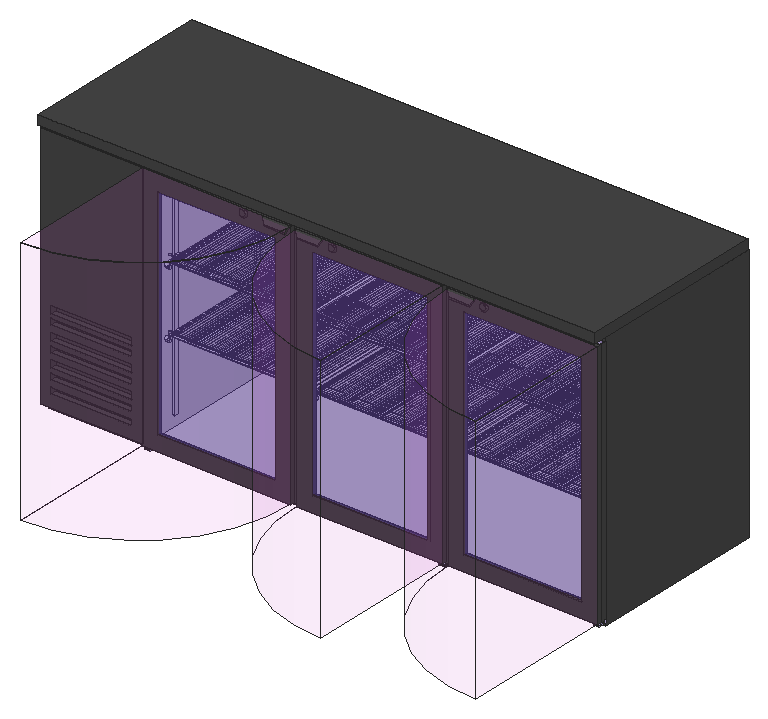
Revit family "QF_True_TBB24-72-3G-Z1-BST-B-1_Glass_Swing_Door_Back_Bar", category Specialty Equipment, Revit 2021 (continued)
Definition of nested family "TBB24-72-3G-Z1-BST-B-1"
  Automatic sketch dimensions
    curve 12 to plane 7 "Center Y" = 6.28151"
    curve 11 to curve 13 = 2.67214"
    curve 12 to curve 15 = 1.57504"
    curve 9 to plane 7 "Center Y" = 0.37284"
    plane 7 "Center Y" to curve 15 = 0.63781"
    curve 5 to plane 10 = 0.02167"
    plane 13 to curve 5 = 0.04608"
    curve 18 to plane 13 = 1.19595"
    curve 10 to plane 13 = 2.94502"
    curve 17 to curve 19 = 2.67214"
    curve 6 to plane 10 = 0.02167"
    plane 4 "RIGHT" to curve 6 = 0.05741"
    plane 5 "FRONT" to curve 9 = 8.9955"
    plane 5 "FRONT" to curve 10 = 9.16144"
    curve 7 to curve 5 = 0.50779"
    plane 10 to curve 4 = 0.01931"
    curve 11 to curve 11 = 15/32"
    curve 5 to curve 14 = 0.35218"
    curve 9 to curve 5 = 0.32483"
    curve 6 to curve 17 = 0.35942"
    radius of Extrusion 49 sketch curve = 0.03267"
    radius of Extrusion 50 sketch curve = 0.03267"
    radius of Extrusion 51 sketch curve = 0.03267"
    radius of Extrusion 52 sketch curve = 0.03267"
    radius of Extrusion 53 sketch curve = 0.03267"
    radius of Extrusion 54 sketch curve = 0.03267"
    radius of Extrusion 55 sketch curve = 0.03267"
    radius of Extrusion 56 sketch curve = 0.03267"
    radius of Extrusion 57 sketch curve = 0.03267"
    radius of Extrusion 58 sketch curve = 0.03267"
    radius of Extrusion 59 sketch curve = 0.03267"
    radius of Extrusion 60 sketch curve = 0.03267"
    radius of Extrusion 61 sketch curve = 0.03267"
    radius of Extrusion 62 sketch curve = 0.03267"
    radius of Extrusion 63 sketch curve = 0.03267"
    radius of Extrusion 64 sketch curve = 0.03267"
    radius of Extrusion 65 sketch curve = 0.03267"
    radius of Extrusion 66 sketch curve = 0.03267"
    radius of Extrusion 67 sketch curve = 0.03267"
    radius of Extrusion 68 sketch curve = 0.03267"
    radius of Extrusion 69 sketch curve = 0.03267"
    radius of Extrusion 70 sketch curve = 0.03267"
    radius of Extrusion 71 sketch curve = 0.03267"
    radius of Extrusion 72 sketch curve = 0.03267"
    radius of Extrusion 73 sketch curve = 0.03267"
    radius of Extrusion 74 sketch curve = 0.03267"
    radius of Extrusion 75 sketch curve = 0.03267"
    radius of Extrusion 76 sketch curve = 0.03267"
    radius of Extrusion 77 sketch curve = 0.03267"
    radius of Extrusion 78 sketch curve = 0.03267"
    radius of Extrusion 79 sketch curve = 0.03267"
    radius of Extrusion 80 sketch curve = 0.03267"
    radius of Extrusion 81 sketch curve = 0.03267"
    radius of Extrusion 82 sketch curve = 0.03267"
    radius of Extrusion 83 sketch curve = 0.03267"
    radius of Extrusion 84 sketch curve = 0.03267"
    radius of Extrusion 85 sketch curve = 0.03267"
    radius of Extrusion 86 sketch curve = 0.03267"
    radius of Extrusion 87 sketch curve = 0.03267"
    radius of Extrusion 88 sketch curve = 0.03267"
    radius of Extrusion 89 sketch curve = 0.03267"
    radius of Extrusion 90 sketch curve = 0.03267"
    radius of Extrusion 91 sketch curve = 0.03267"
    radius of Extrusion 92 sketch curve = 0.03267"
    radius of Extrusion 93 sketch curve = 0.03267"
    radius of Extrusion 94 sketch curve = 0.03267"
    radius of Extrusion 95 sketch curve = 0.03267"
    radius of Extrusion 96 sketch curve = 0.03267"
    radius of Extrusion 97 sketch curve = 0.03267"
    radius of Extrusion 98 sketch curve = 0.03267"
    radius of Extrusion 99 sketch curve = 0.03267"  (x2)
    radius of Extrusion 100 sketch curve = 0.03267"  (x2)
    radius of Extrusion 101 sketch curve = 0.03267"  (x2)
    radius of Extrusion 102 sketch curve = 0.03267"  (x2)
    radius of Extrusion 103 sketch curve = 0.03267"  (x2)
    radius of Extrusion 104 sketch curve = 0.03267"  (x2)
    radius of Extrusion 105 sketch curve = 0.03267"  (x2)
    radius of Extrusion 106 sketch curve = 0.03267"  (x2)
    radius of Extrusion 107 sketch curve = 0.03267"  (x2)
    radius of Extrusion 108 sketch curve = 0.03267"  (x2)
    radius of Extrusion 109 sketch curve = 0.03267"  (x2)
    radius of Extrusion 110 sketch curve = 0.03267"  (x2)
    radius of Extrusion 111 sketch curve = 0.03267"  (x2)
    radius of Extrusion 112 sketch curve = 0.03267"  (x2)
    radius of Extrusion 113 sketch curve = 0.03267"  (x2)
    radius of Extrusion 114 sketch curve = 0.03267"  (x2)
    radius of Extrusion 115 sketch curve = 0.03267"  (x2)
    radius of Extrusion 116 sketch curve = 0.03267"  (x2)
    radius of Extrusion 117 sketch curve = 0.03267"  (x2)
    radius of Extrusion 118 sketch curve = 0.03267"  (x2)
    radius of Extrusion 119 sketch curve = 0.03267"  (x2)
    radius of Extrusion 120 sketch curve = 0.03267"  (x2)
    radius of Extrusion 121 sketch curve = 0.03267"  (x2)
    radius of Extrusion 122 sketch curve = 0.03267"  (x2)
    radius of Extrusion 123 sketch curve = 0.03267"  (x2)
    radius of Extrusion 124 sketch curve = 0.03267"  (x2)
    radius of Extrusion 125 sketch curve = 0.03267"  (x2)
    radius of Extrusion 126 sketch curve = 0.03267"  (x2)
    radius of Extrusion 127 sketch curve = 0.03267"  (x2)
    radius of Extrusion 128 sketch curve = 0.03267"  (x2)
    radius of Extrusion 129 sketch curve = 0.03267"  (x2)
    radius of Extrusion 130 sketch curve = 0.03267"  (x2)
    radius of Extrusion 131 sketch curve = 0.03267"  (x2)
    radius of Extrusion 132 sketch curve = 0.03267"  (x2)
    radius of Extrusion 133 sketch curve = 0.03267"  (x2)
    radius of Extrusion 134 sketch curve = 0.03267"  (x2)
    radius of Extrusion 135 sketch curve = 0.03267"  (x2)
    radius of Extrusion 136 sketch curve = 0.03267"  (x2)
    radius of Extrusion 137 sketch curve = 0.03267"  (x2)
    radius of Extrusion 138 sketch curve = 0.03267"  (x2)
    radius of Extrusion 139 sketch curve = 0.03267"  (x2)
    radius of Extrusion 140 sketch curve = 0.03267"  (x2)
    radius of Extrusion 141 sketch curve = 0.03267"  (x2)
    radius of Extrusion 142 sketch curve = 0.03267"  (x2)
    radius of Extrusion 143 sketch curve = 0.03267"  (x2)
    radius of Extrusion 144 sketch curve = 0.03267"  (x2)
    radius of Extrusion 145 sketch curve = 0.03267"  (x2)
    radius of Extrusion 146 sketch curve = 0.03267"  (x2)
    radius of Extrusion 147 sketch curve = 0.03267"  (x2)
    radius of Extrusion 148 sketch curve = 0.03267"  (x2)
    radius of Extrusion 149 sketch curve = 0.03267"  (x2)
    radius of Extrusion 150 sketch curve = 0.03267"  (x2)
    radius of Extrusion 151 sketch curve = 0.03267"  (x2)
    radius of Extrusion 152 sketch curve = 0.03267"  (x2)
    radius of Extrusion 153 sketch curve = 0.03267"  (x2)
    radius of Extrusion 154 sketch curve = 0.03267"  (x2)
    radius of Extrusion 155 sketch curve = 0.03267"  (x2)
    radius of Extrusion 156 sketch curve = 0.03267"  (x2)
    radius of Extrusion 157 sketch curve = 0.03267"  (x2)
    radius of Extrusion 158 sketch curve = 0.03267"  (x2)
    radius of Extrusion 159 sketch curve = 0.03267"  (x2)
    radius of Extrusion 160 sketch curve = 0.03267"  (x2)
    radius of Extrusion 161 sketch curve = 0.03267"  (x2)
    radius of Extrusion 162 sketch curve = 0.03267"  (x2)
    radius of Extrusion 163 sketch curve = 0.03267"  (x2)
    radius of Extrusion 164 sketch curve = 0.03267"  (x2)
    radius of Extrusion 165 sketch curve = 0.03267"  (x2)
    radius of Extrusion 166 sketch curve = 0.03267"  (x2)
    radius of Extrusion 167 sketch curve = 0.03267"  (x2)
    radius of Extrusion 168 sketch curve = 0.03267"  (x2)
    radius of Extrusion 169 sketch curve = 0.03267"  (x2)
    radius of Extrusion 170 sketch curve = 0.03267"  (x2)
    radius of Extrusion 171 sketch curve = 0.03267"  (x2)
    radius of Extrusion 172 sketch curve = 0.03267"  (x2)
    radius of Extrusion 173 sketch curve = 0.03267"  (x2)
    radius of Extrusion 174 sketch curve = 0.03267"  (x2)
    radius of Extrusion 175 sketch curve = 0.03267"  (x2)
    radius of Extrusion 176 sketch curve = 0.03267"  (x2)
    radius of Extrusion 177 sketch curve = 0.03267"  (x2)
    radius of Extrusion 178 sketch curve = 0.03267"  (x2)
    radius of Extrusion 179 sketch curve = 0.03267"  (x2)
    radius of Extrusion 180 sketch curve = 0.03267"  (x2)
    radius of Extrusion 181 sketch curve = 0.03267"  (x2)
    radius of Extrusion 182 sketch curve = 0.03267"  (x2)
    radius of Extrusion 183 sketch curve = 0.03267"  (x2)
    radius of Extrusion 184 sketch curve = 0.03267"  (x2)
    radius of Extrusion 185 sketch curve = 0.03267"  (x2)
    radius of Extrusion 186 sketch curve = 0.03267"  (x2)
    radius of Extrusion 187 sketch curve = 0.03267"  (x2)
    radius of Extrusion 188 sketch curve = 0.03267"  (x2)
    radius of Extrusion 189 sketch curve = 0.03267"  (x2)
    radius of Extrusion 190 sketch curve = 0.03267"  (x2)
    radius of Extrusion 191 sketch curve = 0.03267"  (x2)
    radius of Extrusion 192 sketch curve = 0.03267"  (x2)
    radius of Extrusion 193 sketch curve = 0.03267"  (x2)
    radius of Extrusion 194 sketch curve = 0.03267"  (x2)
    radius of Extrusion 195 sketch curve = 0.03267"  (x2)
    radius of Extrusion 196 sketch curve = 0.03267"  (x2)
    radius of Extrusion 197 sketch curve = 0.03267"  (x2)
    radius of Extrusion 198 sketch curve = 0.03267"  (x2)
    radius of Extrusion 199 sketch curve = 0.03267"  (x2)
    radius of Extrusion 200 sketch curve = 0.03267"  (x2)
    radius of Extrusion 201 sketch curve = 0.03267"  (x2)
    radius of Extrusion 202 sketch curve = 0.03267"  (x2)
    radius of Extrusion 203 sketch curve = 0.03267"  (x2)
    radius of Extrusion 204 sketch curve = 0.03267"  (x2)
    radius of Extrusion 205 sketch curve = 0.03267"  (x2)
    radius of Extrusion 206 sketch curve = 0.03267"  (x2)
    radius of Extrusion 207 sketch curve = 0.03267"  (x2)
    radius of Extrusion 208 sketch curve = 0.03267"  (x2)
    radius of Extrusion 209 sketch curve = 0.03267"  (x2)
    radius of Extrusion 210 sketch curve = 0.03267"  (x2)
    radius of Extrusion 211 sketch curve = 0.03267"  (x2)
    radius of Extrusion 212 sketch curve = 0.03267"  (x2)
    radius of Extrusion 213 sketch curve = 0.03267"  (x2)
    radius of Extrusion 214 sketch curve = 0.03267"  (x2)
    radius of Extrusion 215 sketch curve = 0.03267"  (x2)
    radius of Extrusion 216 sketch curve = 0.03267"  (x2)
    radius of Extrusion 217 sketch curve = 0.03267"  (x2)
    radius of Extrusion 218 sketch curve = 0.03267"  (x2)
    radius of Extrusion 219 sketch curve = 0.03267"  (x2)
    radius of Extrusion 220 sketch curve = 0.03267"  (x2)
    radius of Extrusion 221 sketch curve = 0.03267"  (x2)
    radius of Extrusion 222 sketch curve = 0.03267"  (x2)
    radius of Extrusion 223 sketch curve = 0.03267"  (x2)
    radius of Extrusion 224 sketch curve = 0.03267"  (x2)
    radius of Extrusion 225 sketch curve = 0.03267"  (x2)
    radius of Extrusion 226 sketch curve = 0.03267"  (x2)
    radius of Extrusion 227 sketch curve = 0.03267"  (x2)
    radius of Extrusion 228 sketch curve = 0.03267"  (x2)
    radius of Extrusion 229 sketch curve = 0.03267"  (x2)
    radius of Extrusion 230 sketch curve = 0.03267"  (x2)
    radius of Extrusion 231 sketch curve = 0.03267"  (x2)
    radius of Extrusion 232 sketch curve = 0.03267"  (x2)
    radius of Extrusion 233 sketch curve = 0.03267"  (x2)
    radius of Extrusion 234 sketch curve = 0.03267"  (x2)
    radius of Extrusion 235 sketch curve = 0.03267"  (x2)
    radius of Extrusion 236 sketch curve = 0.03267"  (x2)
    radius of Extrusion 237 sketch curve = 0.03267"  (x2)
    radius of Extrusion 238 sketch curve = 0.03267"  (x2)
    radius of Extrusion 239 sketch curve = 0.03267"  (x2)
    radius of Extrusion 240 sketch curve = 0.03267"  (x2)
    radius of Extrusion 241 sketch curve = 0.03267"  (x2)
    radius of Extrusion 242 sketch curve = 0.03267"  (x2)
    radius of Extrusion 243 sketch curve = 0.03267"  (x2)
    radius of Extrusion 244 sketch curve = 0.03267"  (x2)
    radius of Extrusion 245 sketch curve = 0.03267"  (x2)
    radius of Extrusion 246 sketch curve = 0.03267"  (x2)
    radius of Extrusion 247 sketch curve = 0.03267"  (x2)
    radius of Extrusion 248 sketch curve = 0.03267"  (x2)
    radius of Extrusion 249 sketch curve = 0.03267"  (x2)
    radius of Extrusion 250 sketch curve = 0.03267"
    radius of Extrusion 299 sketch curve = 0.03267"  (x3)
    radius of Extrusion 300 sketch curve = 0.03267"  (x2)
    radius of Extrusion 348 sketch curve = 0.03267"  (x2)
    radius of Extrusion 251 sketch curve = 0.03267"
    radius of Extrusion 301 sketch curve = 0.03267"  (x2)
    radius of Extrusion 252 sketch curve = 0.03267"
    radius of Extrusion 302 sketch curve = 0.03267"  (x2)
    radius of Extrusion 253 sketch curve = 0.03267"
    radius of Extrusion 303 sketch curve = 0.03267"  (x2)
    radius of Extrusion 254 sketch curve = 0.03267"
    radius of Extrusion 304 sketch curve = 0.03267"  (x2)
    radius of Extrusion 255 sketch curve = 0.03267"
    radius of Extrusion 305 sketch curve = 0.03267"  (x2)
    radius of Extrusion 256 sketch curve = 0.03267"
    radius of Extrusion 306 sketch curve = 0.03267"  (x2)
    radius of Extrusion 257 sketch curve = 0.03267"
    radius of Extrusion 307 sketch curve = 0.03267"  (x2)
    radius of Extrusion 258 sketch curve = 0.03267"
    radius of Extrusion 308 sketch curve = 0.03267"  (x2)
    radius of Extrusion 259 sketch curve = 0.03267"
    radius of Extrusion 309 sketch curve = 0.03267"  (x2)
    radius of Extrusion 260 sketch curve = 0.03267"
    radius of Extrusion 310 sketch curve = 0.03267"  (x2)
    radius of Extrusion 261 sketch curve = 0.03267"
    radius of Extrusion 311 sketch curve = 0.03267"  (x2)
    radius of Extrusion 262 sketch curve = 0.03267"
    radius of Extrusion 312 sketch curve = 0.03267"  (x2)
    radius of Extrusion 263 sketch curve = 0.03267"
    radius of Extrusion 313 sketch curve = 0.03267"  (x2)
    radius of Extrusion 264 sketch curve = 0.03267"
    radius of Extrusion 314 sketch curve = 0.03267"  (x2)
    radius of Extrusion 265 sketch curve = 0.03267"
    radius of Extrusion 315 sketch curve = 0.03267"  (x2)
    radius of Extrusion 266 sketch curve = 0.03267"
    radius of Extrusion 316 sketch curve = 0.03267"  (x2)
    radius of Extrusion 267 sketch curve = 0.03267"
    radius of Extrusion 317 sketch curve = 0.03267"  (x2)
    radius of Extrusion 268 sketch curve = 0.03267"
    radius of Extrusion 318 sketch curve = 0.03267"  (x2)
    radius of Extrusion 269 sketch curve = 0.03267"
    radius of Extrusion 319 sketch curve = 0.03267"  (x2)
    radius of Extrusion 270 sketch curve = 0.03267"
    radius of Extrusion 320 sketch curve = 0.03267"  (x2)
    radius of Extrusion 271 sketch curve = 0.03267"
    radius of Extrusion 321 sketch curve = 0.03267"  (x2)
    radius of Extrusion 272 sketch curve = 0.03267"
    radius of Extrusion 322 sketch curve = 0.03267"  (x2)
    radius of Extrusion 273 sketch curve = 0.03267"
    radius of Extrusion 323 sketch curve = 0.03267"  (x2)
    radius of Extrusion 274 sketch curve = 0.03267"
    radius of Extrusion 324 sketch curve = 0.03267"  (x2)
    radius of Extrusion 275 sketch curve = 0.03267"
    radius of Extrusion 325 sketch curve = 0.03267"  (x2)
    radius of Extrusion 276 sketch curve = 0.03267"
    radius of Extrusion 326 sketch curve = 0.03267"  (x2)
    radius of Extrusion 277 sketch curve = 0.03267"
    radius of Extrusion 327 sketch curve = 0.03267"  (x2)
    radius of Extrusion 278 sketch curve = 0.03267"
    radius of Extrusion 328 sketch curve = 0.03267"  (x2)
    radius of Extrusion 279 sketch curve = 0.03267"
    radius of Extrusion 329 sketch curve = 0.03267"  (x2)
    radius of Extrusion 280 sketch curve = 0.03267"
    radius of Extrusion 330 sketch curve = 0.03267"  (x2)
    radius of Extrusion 281 sketch curve = 0.03267"
    radius of Extrusion 331 sketch curve = 0.03267"  (x2)
    radius of Extrusion 282 sketch curve = 0.03267"
    radius of Extrusion 332 sketch curve = 0.03267"  (x2)
    radius of Extrusion 283 sketch curve = 0.03267"
    radius of Extrusion 333 sketch curve = 0.03267"  (x2)
    radius of Extrusion 284 sketch curve = 0.03267"
    radius of Extrusion 334 sketch curve = 0.03267"  (x2)
    radius of Extrusion 285 sketch curve = 0.03267"
    radius of Extrusion 335 sketch curve = 0.03267"  (x2)
    radius of Extrusion 286 sketch curve = 0.03267"
    radius of Extrusion 336 sketch curve = 0.03267"  (x2)
    radius of Extrusion 287 sketch curve = 0.03267"
    radius of Extrusion 337 sketch curve = 0.03267"  (x2)
    radius of Extrusion 288 sketch curve = 0.03267"
    radius of Extrusion 338 sketch curve = 0.03267"  (x2)
    radius of Extrusion 289 sketch curve = 0.03267"
    radius of Extrusion 339 sketch curve = 0.03267"  (x2)
    radius of Extrusion 290 sketch curve = 0.03267"
    radius of Extrusion 340 sketch curve = 0.03267"  (x2)
    radius of Extrusion 291 sketch curve = 0.03267"
    radius of Extrusion 341 sketch curve = 0.03267"  (x2)
    radius of Extrusion 292 sketch curve = 0.03267"
    radius of Extrusion 342 sketch curve = 0.03267"  (x2)
    radius of Extrusion 293 sketch curve = 0.03267"
    radius of Extrusion 343 sketch curve = 0.03267"  (x2)
    radius of Extrusion 294 sketch curve = 0.03267"
    radius of Extrusion 344 sketch curve = 0.03267"  (x2)
    radius of Extrusion 295 sketch curve = 0.03267"
    radius of Extrusion 345 sketch curve = 0.03267"  (x2)
    radius of Extrusion 296 sketch curve = 0.03267"
    radius of Extrusion 346 sketch curve = 0.03267"  (x2)
    radius of Extrusion 297 sketch curve = 0.03267"
    radius of Extrusion 347 sketch curve = 0.03267"  (x2)
    radius of Extrusion 298 sketch curve = 0.03267"
    radius of Extrusion 7 sketch curve = 1/2"
    radius of Blend 12 sketch curve = 1/2"
    radius of Blend 12 sketch curve = 0.39938"
    radius of Blend 13 sketch curve = 1/2"
    radius of Blend 13 sketch curve = 0.39938"
    radius of Extrusion 16 sketch curve = 1/4"  (x3)
    radius of Extrusion 17 sketch curve = 1/4"  (x3)
    radius of Sweep 20 sketch curve = 0.14183"
    radius of Sweep 33 sketch curve = 0.14183"
    radius of Extrusion 34 sketch curve = 0.05462"
    radius of Extrusion 35 sketch curve = 0.05462"
    radius of Extrusion 36 sketch curve = 0.05462"
    radius of Extrusion 37 sketch curve = 0.05462"
    radius of Sweep 42 sketch curve = 0.14183"
    radius of Sweep 43 sketch curve = 0.14183"
    radius of Sweep 44 sketch curve = 0.14183"
    radius of Sweep 45 sketch curve = 0.14183"
    radius of Extrusion 47 sketch curve = 0.05462"
    radius of Extrusion 48 sketch curve = 0.05462"
    radius of Blend 350 sketch curve = 1/2"
    radius of Blend 350 sketch curve = 0.39938"
Definition of nested family "Family3"
  Parameters (values of type "Family3")
    Weight in Pounds = 0
    URL Cutsheet = ""
    Specification by User = ""
    Specification by Manufacturer = ""
    Show Seismic Flanged [instance] = yes
    Show 6" Legs [instance] = yes
    Show 5" Casters [instance] = yes
    Show 4" Casters [instance] = yes
    Show 3" Casters [instance] = yes
    Show 2" Casters [instance] = yes
    Serial Number = ""
    Seismic Rating = ""
    SMACNA No = ""
    Revision Code = ""
    NAFEM Spec ID Number = ""
    Masterspec = ""
    Length = 0"
    Item Number = ""
    Installed By = ""
    Identify Quantity as Lot = yes
    Height = 0"
    Furnished By = ""
    Foodservice Equipment Identifier = yes
    Depth = 0"
    Default Elevation = 0"
    CSI MasterFormat = ""
  Reference planes (in)
    plane 1 "BACK": y = 0
    plane 2: z = 0
    plane 3 "LEFT": x = 0
    plane 4 "RIGHT": x = 0
    plane 5 "FRONT": y = 0
    plane 6 "TOP": z = 0
    plane 7 "Center Y": x = 0
    plane 8 "Center X": y = 0
  Dimensions and locks (in)
    equal spacing: plane 3 "LEFT", plane 7 "Center Y", plane 4 "RIGHT"
    "Length": plane 3 "LEFT" to plane 4 "RIGHT"
    equal spacing: plane 5 "FRONT", plane 8 "Center X", plane 1 "BACK"
    "Depth": plane 5 "FRONT" to plane 1 "BACK"
    "Height": plane 6 "TOP" to level
    aligned and locked: level to plane 2
  Nested families (in)
    nested 1: "2 INCHES_CASTER" at (0, 0, 0), 2 Inches Caster <- "Show 2" Casters", type "2 INCHES_CASTER"
      with Type Mark "", Specification by User "", Revision Code "", Item Number "", Installed By "", Identify Quantity as Lot yes, Furnished By "", Foodservice Equipment Identifier yes, 2 Inches Caster yes
    nested 2: "3 INCHES 01_CASTER" at (0, 0, 0), 3 Inches Caster <- "Show 3" Casters", type "3 INCHES 01_CASTER"
      with Type Mark "", Specification by User "", Revision Code "", Item Number "", Installed By "", Identify Quantity as Lot yes, Furnished By "", Foodservice Equipment Identifier yes, 3 Inches Caster yes
    nested 3: "4 INCHES_CASTER" at (0, 0, 0), Show 4 Inches Casters <- "Show 4" Casters", type "4 INCHES_CASTER"
      with Type Mark "", Specification by User "", Show 4 Inches Casters yes, Revision Code "", Item Number "", Installed By "", Identify Quantity as Lot yes, Furnished By "", Foodservice Equipment Identifier yes
    nested 4: "5 INCHES 01_CASTER 2" at (0, 0, 0), Show 5" Casters <- "Show 5" Casters", type "5 INCHES 01_CASTER 2"
      with Type Mark "", Specification by User "", Show 5" Casters yes, Revision Code "", Key Locks no, Item Number "", Installed By "", Identify Quantity as Lot yes, Furnished By "", Foodservice Equipment Identifier yes
    nested 5: "6 INCHES LEGS" at (0, 0, 0), Show 6" Legs <- "Show 6" Legs", type "6 INCHES LEGS"
      with Type Mark "", Status "", Specification by User "", Show Seismic Flanged no, Show 6" Legs yes, Revision Code "", Item Number "", Installed By "", Identify Quantity as Lot yes, Furnished By "", Foodservice Equipment Identifier yes
    nested 6: "6 INCHES LEGS WITH FLANGED" at (0, 0, 0), visible <- "Show Seismic Flanged", Show 6" Seismic Flanged <- "Show Seismic Flanged", type "6 INCHES LEGS WITH FLANGED"
      with Type Mark "", Status "", Specification by User "", Revision Code "", Item Number "", Installed By "", Identify Quantity as Lot yes, Furnished By "", Foodservice Equipment Identifier yes
  Definition of nested family "2 INCHES_CASTER"
    Parameters (values of type "2 INCHES_CASTER")
      Weight = ""
      URL Manufacturer = ""
      URL Cutsheet = ""
      URL = ""
      Type Mark [instance] = ""
      Specification by User [instance] = ""
      Specification by Manufacturer = ""
      Serial Number = ""
      Seismic Rating = ""
      SMACNA No = ""
      Revision Code [instance] = ""
      Omniclass Number and Title = ""
      NAFEM Spec ID Number = ""
      Model = ""
      MasterSpec. = ""
      Manufacturer = ""
      Item Number [instance] = ""
      Installed By [instance] = ""
      Identify Quantity as Lot [instance] = yes
      Furnished By [instance] = ""
      Foodservice Equipment Identifier [instance] = yes
      Description = ""
      Default Elevation = 0"
      CSI MasterFormat = ""
      CSI Master Format = ""
      Assembly Code = ""
      2 Inches Caster [instance] = yes
    Reference planes (in)
      plane 1: z = 0
      plane 2 "RIGHT": x = 0
      plane 3 "FRONT": y = 0
      plane 4 "TOP": z = 2
    Forms (in)
      Revolve 1, solid, visible <- "2 Inches Caster"
        sketch origin (-1.93794, 0.46818, -1.0041) x (1, 0, 0) y (0, 0, 1)
          loop
            line (0.74055, 1.86347) -> (0.74055, 1.78797) -> (0.79055, 1.73797) -> (0.85055, 1.73797) -> (0.85055, 1.6179) -> (1.235, 1.6179) -> (1.235, 1.55055) -> (1.38673, 1.46295) -> (1.4003, 1.3791) -> (1.34375, 1.3791) -> (1.34375, 1.2541) -> (1.375, 1.2541) -> (1.375, 1.0041) -> (2.48438, 1.0041) -> (2.48438, 1.2541) -> (2.51563, 1.2541) -> (2.51563, 1.3791) -> (2.45908, 1.3791) -> (2.47322, 1.46647) -> (2.62438, 1.55374) -> (2.62438, 1.6179) -> (3.04007, 1.6179) -> (3.04007, 1.73797) -> (3.10007, 1.73797) -> (3.15007, 1.78797) -> (3.15007, 1.86347) -> (0.74055, 1.86347)
          axis (0.74055, 1.86347) -> (3.15007, 1.86347)
        angle from 0 to 360
      Extrusion 2, solid, visible <- "2 Inches Caster"
        sketch origin (-1.93794, 1.43296, -3.41527) x (0, 1, 0) y (0, 0, 1)
          loop
            line (-0.64294, 5.3791) -> (-2.21294, 5.3791) -> (-2.21294, 5.24769) -> (-1.37414, 5.24769)
            arc (-1.37414, 5.24769) -> (-0.62115, 5.15851) -> (0.05138, 4.80832) r 2.10495
            line (0.05138, 4.80832) -> (0.12713, 4.91318)
            arc (0.12713, 4.91318) -> (-0.07255, 5.06376) -> (-0.29048, 5.18644) r 1.8753
            line (-0.29048, 5.18644) -> (-0.22239, 5.30423)
            arc (-0.22239, 5.30423) -> (-0.42936, 5.36024) -> (-0.64294, 5.3791) r 1.21859
        from 1.17357 to 2.70231
      Revolve 3, solid, visible <- "2 Inches Caster"
        sketch origin (0, 1.73858, -3.75) x (0, 1, 0) y (0, 0, 1)
          loop
            line (-1.73858, 5.71382) -> (-1.05793, 5.71382) -> (-1.05793, 5.75) -> (-1.73858, 5.75) -> (-1.73858, 5.71382)
          axis (-1.73858, 5.71382) -> (-1.73858, 5.75319)
        angle from 0 to 360
      Extrusion 4, solid, visible <- "2 Inches Caster"
        sketch origin (-1.98481, 1.43296, -1.7541) x (0, 1, 0) y (0, 0, 1)
          loop
            line (-2.21294, 3.71792) -> (-2.21294, 3.58652) -> (-1.94904, 3.58652)
            arc (-1.94904, 3.58652) -> (-1.56115, 3.28048) -> (-1.39241, 2.81612) r 0.90292
            arc (-1.39241, 2.81612) -> (-1.36136, 2.62044) -> (-1.29729, 2.43295) r 1.15385
            arc (-1.29729, 2.43295) -> (-0.94802, 2.21237) -> (-0.6121, 2.45278) r 0.37001
            arc (-0.6121, 2.45278) -> (-0.59625, 2.50123) -> (-0.58446, 2.55082) r 0.61695
            arc (-0.58446, 2.55082) -> (-0.36134, 2.95548) -> (0.05609, 3.15367) r 0.75313
            line (0.05609, 3.15367) -> (0.12713, 3.252)
            arc (0.12713, 3.252) -> (-0.07255, 3.40259) -> (-0.29048, 3.52526) r 1.8753
            line (-0.29048, 3.52526) -> (-0.22239, 3.64306)
            arc (-0.22239, 3.64306) -> (-0.42936, 3.69906) -> (-0.64294, 3.71792) r 1.21859
            line (-0.64294, 3.71792) -> (-2.21294, 3.71792)
        from 2.74918 to 2.90825
      Extrusion 5, solid, visible <- "2 Inches Caster"
        sketch origin (1.98481, 1.43296, -1.7541) x (0, 1, 0) y (0, 0, -1)
          loop
            arc (-0.58446, -2.55082) -> (-0.59625, -2.50123) -> (-0.6121, -2.45278) r 0.61695
            arc (-0.6121, -2.45278) -> (-0.94802, -2.21237) -> (-1.29729, -2.43295) r 0.37001
            arc (-1.29729, -2.43295) -> (-1.36136, -2.62044) -> (-1.39241, -2.81612) r 1.15385
            arc (-1.39241, -2.81612) -> (-1.56115, -3.28048) -> (-1.94904, -3.58652) r 0.90292
            line (-1.94904, -3.58652) -> (-2.21294, -3.58652) -> (-2.21294, -3.71792) -> (-0.64294, -3.71792)
            arc (-0.64294, -3.71792) -> (-0.42936, -3.69906) -> (-0.22239, -3.64306) r 1.21859
            line (-0.22239, -3.64306) -> (-0.29048, -3.52526)
            arc (-0.29048, -3.52526) -> (-0.07255, -3.40259) -> (0.12713, -3.252) r 1.8753
            line (0.12713, -3.252) -> (0.05609, -3.15367)
            arc (0.05609, -3.15367) -> (-0.36134, -2.95548) -> (-0.58446, -2.55082) r 0.75313
        from 2.74918 to 2.90825
    Cuts and joins
      joined: Revolve 1, Extrusion 4, Extrusion 5
    Lines and regions (in)
      symbolic lines, visible <- "2 Inches Caster"
        curve 1: line (0.10651, 1.59133, 0) -> (0.80944, 1.1855, 0)
        curve 2: line (-0.89349, -0.14072, 0) -> (0.10651, 1.59133, 0)
        curve 3: line (-0.19056, -0.54656, 0) -> (-0.89349, -0.14072, 0)
        curve 4: line (0.80944, 1.1855, 0) -> (-0.19056, -0.54656, 0)
    Dimensions and locks (in)
      plane 4 "TOP" to level = 2"  (x2)
      aligned and locked: level to plane 1
  Definition of nested family "3 INCHES 01_CASTER"
    Parameters (values of type "3 INCHES 01_CASTER")
      Weight = ""
      URL Manufacturer = ""
      URL Cutsheet = ""
      URL = ""
      Type Mark [instance] = ""
      Specification by User [instance] = ""
      Specification by Manufacturer = ""
      Serial Number = ""
      Seismic Rating = ""
      SMACNA No = ""
      Revision Code [instance] = ""
      Omniclass Number and Title = ""
      NAFEM Spec ID Number = ""
      Model = ""
      MasterSpec. = ""
      Manufacturer = ""
      Item Number [instance] = ""
      Installed By [instance] = ""
      Identify Quantity as Lot [instance] = yes
      Furnished By [instance] = ""
      Foodservice Equipment Identifier [instance] = yes
      Description = ""
      Default Elevation = 0"
      CSI MasterFormat = ""
      CSI Master Format = ""
      Assembly Code = ""
      3 Inches Caster [instance] = yes
    Reference planes (in)
      plane 1: z = 0
      plane 2 "RIGHT": x = 0
      plane 3 "FRONT": y = 0
      plane 4 "TOP": z = 3
    Forms (in)
      Revolve 1, solid, visible <- "3 Inches Caster"
        sketch origin (-1.93794, 0.56004, -1.0041) x (1, 0, 0) y (0, 0, 1)
          loop
            line (0.74055, 2.11347) -> (0.74055, 2.03797) -> (0.79055, 1.98797) -> (0.85055, 1.98797) -> (0.85055, 1.8679) -> (1.235, 1.8679) -> (1.235, 1.7068) -> (1.36441, 1.63209) -> (1.4003, 1.41035) -> (1.34375, 1.41035) -> (1.34375, 1.28535) -> (1.375, 1.28535) -> (1.375, 1.0041) -> (2.48438, 1.0041) -> (2.48438, 1.28535) -> (2.51563, 1.28535) -> (2.51563, 1.41035) -> (2.45908, 1.41035) -> (2.49553, 1.6356) -> (2.62438, 1.70999) -> (2.62438, 1.8679) -> (3.04007, 1.8679) -> (3.04007, 1.98797) -> (3.10007, 1.98797) -> (3.15007, 2.03797) -> (3.15007, 2.11347) -> (0.74055, 2.11347)
          axis (0.74055, 2.11347) -> (3.15007, 2.11347)
        angle from 0 to 360
      Extrusion 2, solid, visible <- "3 Inches Caster"
        sketch origin (-1.93794, 1.35294, -3.2541) x (0, 1, 0) y (0, 0, 1)
          loop
            line (-0.41094, 5.86793) -> (-0.41094, 6.01276) -> (-2.29494, 6.01276) -> (-2.29494, 5.71244) -> (-1.82301, 5.71244)
            arc (-1.82301, 5.71244) -> (-1.00307, 5.59865) -> (-0.19592, 5.41488) r 9.6332
            arc (-0.19592, 5.41488) -> (0.12646, 5.29481) -> (0.42224, 5.11916) r 1.92059
            line (0.42224, 5.11916) -> (0.51314, 5.245)
            arc (0.51314, 5.245) -> (0.27353, 5.42569) -> (0.01201, 5.5729) r 2.25036
            line (0.01201, 5.5729) -> (0.09371, 5.71426)
            arc (0.09371, 5.71426) -> (-0.15272, 5.81043) -> (-0.41094, 5.86793) r 1.73151
        from 1.17357 to 2.70231
      Revolve 3, solid, visible <- "3 Inches Caster"
        sketch origin (0, 1.73858, -3.25) x (0, 1, 0) y (0, 0, 1)
          loop
            line (-1.73858, 6.25) -> (-1.73858, 6.00866) -> (-0.93293, 6.00866) -> (-0.93293, 6.25) -> (-1.73858, 6.25)
          axis (-1.73858, 6.00866) -> (-1.73858, 6.25)
        angle from 0 to 360
      Extrusion 4, solid, visible <- "3 Inches Caster"
        sketch origin (-1.98481, 1.35294, -1.7541) x (0, 1, 0) y (0, 0, 1)
          loop
            line (-2.29494, 4.51276) -> (-2.29494, 4.21244) -> (-2.2074, 4.21244)
            arc (-2.2074, 4.21244) -> (-1.58796, 3.87196) -> (-1.3103, 3.22193) r 1.0835
            arc (-1.3103, 3.22193) -> (-1.27304, 2.98711) -> (-1.19616, 2.76214) r 1.38462
            arc (-1.19616, 2.76214) -> (-0.77704, 2.49744) -> (-0.37393, 2.78593) r 0.44401
            arc (-0.37393, 2.78593) -> (-0.35491, 2.84407) -> (-0.34077, 2.90358) r 0.74034
            arc (-0.34077, 2.90358) -> (-0.07302, 3.38916) -> (0.4279, 3.62699) r 0.90376
            line (0.4279, 3.62699) -> (0.51314, 3.745)
            arc (0.51314, 3.745) -> (0.27353, 3.92569) -> (0.01201, 4.0729) r 2.25036
            line (0.01201, 4.0729) -> (0.09371, 4.21426)
            arc (0.09371, 4.21426) -> (-0.15272, 4.31043) -> (-0.41094, 4.36793) r 1.73151
            line (-0.41094, 4.36793) -> (-0.41094, 4.51276) -> (-2.29494, 4.51276)
        from 2.74918 to 2.90825
      Extrusion 5, solid, visible <- "3 Inches Caster"
        sketch origin (1.98481, 1.35294, -1.7541) x (0, 1, 0) y (0, 0, -1)
          loop
            line (-2.29494, -4.51276) -> (-0.41094, -4.51276) -> (-0.41094, -4.36793)
            arc (-0.41094, -4.36793) -> (-0.15272, -4.31043) -> (0.09371, -4.21426) r 1.73151
            line (0.09371, -4.21426) -> (0.01201, -4.0729)
            arc (0.01201, -4.0729) -> (0.27353, -3.92569) -> (0.51314, -3.745) r 2.25036
            line (0.51314, -3.745) -> (0.4279, -3.62699)
            arc (0.4279, -3.62699) -> (-0.07302, -3.38916) -> (-0.34077, -2.90358) r 0.90376
            arc (-0.34077, -2.90358) -> (-0.35491, -2.84407) -> (-0.37393, -2.78593) r 0.74034
            arc (-0.37393, -2.78593) -> (-0.77704, -2.49744) -> (-1.19616, -2.76214) r 0.44401
            arc (-1.19616, -2.76214) -> (-1.27304, -2.98711) -> (-1.3103, -3.22193) r 1.38462
            arc (-1.3103, -3.22193) -> (-1.58796, -3.87196) -> (-2.2074, -4.21244) r 1.0835
            line (-2.2074, -4.21244) -> (-2.29494, -4.21244) -> (-2.29494, -4.51276)
        from 2.74918 to 2.90825
    Cuts and joins
      joined: Extrusion 2, Extrusion 4, Extrusion 5
    Lines and regions (in)
      symbolic lines, visible <- "3 Inches Caster"
        curve 1: line (0.1877, 1.65194, 0) -> (0.89063, 1.2461, 0)
        curve 2: line (-1.00175, -0.40823, 0) -> (0.1877, 1.65194, 0)
        curve 3: line (-0.29881, -0.81407, 0) -> (-1.00175, -0.40823, 0)
        curve 4: line (0.89063, 1.2461, 0) -> (-0.29881, -0.81407, 0)
    Dimensions and locks (in)
      plane 4 "TOP" to level = 3"  (x2)
      aligned and locked: level to plane 1
  Definition of nested family "4 INCHES_CASTER"
    Parameters (values of type "4 INCHES_CASTER")
      Weight = ""
      URL Manufacturer = ""
      URL Cutsheet = ""
      URL = ""
      Type Mark [instance] = ""
      Specification by User [instance] = ""
      Specification by Manufacturer = ""
      Show 4 Inches Casters [instance] = yes
      Serial Number = ""
      Seismic Rating = ""
      SMACNA No = ""
      Revision Code [instance] = ""
      Omniclass Number and Title = ""
      NAFEM Spec ID Number = ""
      Model = ""
      MasterSpec. = ""
      Manufacturer = ""
      Item Number [instance] = ""
      Installed By [instance] = ""
      Identify Quantity as Lot [instance] = yes
      Furnished By [instance] = ""
      Foodservice Equipment Identifier [instance] = yes
      Description = ""
      Default Elevation = 0"
      CSI MasterFormat = ""
      CSI Master Format = ""
      Assembly Code = ""
    Reference planes (in)
      plane 1: z = 0
      plane 2 "RIGHT": x = 0
      plane 3 "FRONT": y = 0
      plane 4 "TOP": z = 4
    Forms (in)
      Revolve 1, solid, visible <- "Show 4 Inches Casters"
        sketch origin (-1.93794, 0.83816, -1.0041) x (1, 0, 0) y (0, 0, 1)
          loop
            line (0.74055, 2.5041) -> (3.15007, 2.5041) -> (3.15007, 2.5796) -> (3.10007, 2.6296) -> (3.04007, 2.6296) -> (3.04007, 2.74967) -> (2.62438, 2.74967) -> (2.62438, 2.93884) -> (2.48438, 3.01967) -> (2.45908, 3.17597) -> (2.51563, 3.17597) -> (2.51563, 3.41035) -> (2.48438, 3.41035) -> (2.48438, 4.0041) -> (1.375, 4.0041) -> (1.375, 3.41035) -> (1.34375, 3.41035) -> (1.34375, 3.17597) -> (1.4003, 3.17597) -> (1.37557, 3.02318) -> (1.235, 2.94202) -> (1.235, 2.74967) -> (0.85055, 2.74967) -> (0.85055, 2.6296) -> (0.79055, 2.6296) -> (0.74055, 2.5796) -> (0.74055, 2.5041)
          axis (0.74055, 2.5041) -> (3.15007, 2.5041)
        angle from 0 to 360
      Extrusion 2, solid, visible <- "Show 4 Inches Casters"
        sketch origin (-1.93794, 1.80294, -1.7541) x (0, 1, 0) y (0, 0, 1)
          loop
            line (-3.08794, 5.33423) -> (-3.08794, 5.00584) -> (-2.69466, 5.00584)
            arc (-2.69466, 5.00584) -> (-1.57175, 4.94895) -> (-0.46376, 4.75787) r 9.36411
            arc (-0.46376, 4.75787) -> (-0.05889, 4.58436) -> (0.28335, 4.30705) r 1.60049
            line (0.28335, 4.30705) -> (0.34449, 4.39437)
            arc (0.34449, 4.39437) -> (0.12713, 4.6163) -> (-0.1239, 4.79931) r 1.8753
            line (-0.1239, 4.79931) -> (-0.05749, 4.91421)
            arc (-0.05749, 4.91421) -> (-0.33807, 5.05694) -> (-0.64294, 5.13542) r 1.44292
            line (-0.64294, 5.13542) -> (-0.64294, 5.33423) -> (-3.08794, 5.33423)
        from 1.1267 to 2.74918
      Revolve 3, solid, visible <- "Show 4 Inches Casters"
        sketch origin (0, 2.15543, -2.25) x (0, 1, 0) y (0, 0, 1)
          loop
            line (-2.21793, 6.25) -> (-2.21793, 5.83014) -> (-1.05793, 5.83014) -> (-1.05793, 6.25) -> (-2.21793, 6.25)
          axis (-2.21793, 5.83014) -> (-2.21793, 6.25)
        angle from 0 to 360
      Extrusion 4, solid, visible <- "Show 4 Inches Casters"
        sketch origin (-1.93794, 1.80294, -1.7541) x (0, 1, 0) y (0, 0, 1)
          loop
            line (-3.08794, 5.33423) -> (-3.08794, 5.00584) -> (-2.8913, 5.00584)
            arc (-2.8913, 5.00584) -> (-2.09118, 4.14057) -> (-1.45681, 3.14736) r 6.63355
            arc (-1.45681, 3.14736) -> (-0.85703, 2.75969) -> (-0.4561, 3.35069) r 0.5107
            arc (-0.4561, 3.35069) -> (-0.27092, 3.92503) -> (0.24034, 4.24562) r 0.88136
            line (0.24034, 4.24562) -> (0.34449, 4.39437)
            arc (0.34449, 4.39437) -> (0.12713, 4.6163) -> (-0.1239, 4.79931) r 1.8753
            line (-0.1239, 4.79931) -> (-0.05749, 4.91421)
            arc (-0.05749, 4.91421) -> (-0.33807, 5.05694) -> (-0.64294, 5.13542) r 1.44292
            line (-0.64294, 5.13542) -> (-0.64294, 5.33423) -> (-3.08794, 5.33423)
        from 2.74918 to 2.90825
      Extrusion 5, solid, visible <- "Show 4 Inches Casters"
        sketch origin (1.93794, 1.80294, -1.7541) x (0, 1, 0) y (0, 0, -1)
          loop
            line (-3.08794, -5.33423) -> (-0.64294, -5.33423) -> (-0.64294, -5.13542)
            arc (-0.64294, -5.13542) -> (-0.33807, -5.05694) -> (-0.05749, -4.91421) r 1.44292
            line (-0.05749, -4.91421) -> (-0.1239, -4.79931)
            arc (-0.1239, -4.79931) -> (0.12713, -4.6163) -> (0.34449, -4.39437) r 1.8753
            line (0.34449, -4.39437) -> (0.24034, -4.24562)
            arc (0.24034, -4.24562) -> (-0.27092, -3.92503) -> (-0.4561, -3.35069) r 0.88136
            arc (-0.4561, -3.35069) -> (-0.85703, -2.75969) -> (-1.45681, -3.14736) r 0.5107
            arc (-1.45681, -3.14736) -> (-2.09118, -4.14057) -> (-2.8913, -5.00584) r 6.63355
            line (-2.8913, -5.00584) -> (-3.08794, -5.00584) -> (-3.08794, -5.33423)
        from 2.74918 to 2.90825
    Cuts and joins
      joined: Extrusion 2, Extrusion 4, Extrusion 5
    Lines and regions (in)
      symbolic lines, visible <- "Show 4 Inches Casters"
        curve 1: line (0.28481, 1.83041, 0) -> (1.24556, 1.27572, 0)
        curve 2: line (-1.26206, -0.84886, 0) -> (0.28481, 1.83041, 0)
        curve 3: line (-0.30132, -1.40355, 0) -> (-1.26206, -0.84886, 0)
        curve 4: line (1.24556, 1.27572, 0) -> (-0.30132, -1.40355, 0)
    Dimensions and locks (in)
      plane 4 "TOP" to level = 4"  (x2)
      aligned and locked: level to plane 1
  Definition of nested family "5 INCHES 01_CASTER 2"
    Parameters (values of type "5 INCHES 01_CASTER 2")
      Weight = ""
      URL Manufacturer = ""
      URL Cutsheet = ""
      URL = ""
      Type Mark [instance] = ""
      Specification by User [instance] = ""
      Specification by Manufacturer = ""
      Show 5" Casters [instance] = yes
      Serial Number = ""
      Seismic Rating = ""
      SMACNA No = ""
      Revision Code [instance] = ""
      Omniclass Number and Title = ""
      NAFEM Spec ID Number = ""
      Model = ""
      MasterSpec. = ""
      Manufacturer = ""
      Key Locks [instance] = yes
      Item Number [instance] = ""
      Installed By [instance] = ""
      Identify Quantity as Lot [instance] = yes
      Furnished By [instance] = ""
      Foodservice Equipment Identifier [instance] = yes
      Description = ""
      Default Elevation = 0"
      CSI MasterFormat = ""
      CSI Master Format = ""
      Assembly Code = ""
    Reference planes (in)
      plane 1: z = 0
      plane 2 "RIGHT": x = 0
      plane 3 "FRONT": y = 0
      plane 4 "TOP": z = 5
    Forms (in)
      Revolve 1, solid, visible <- "Show 5" Casters"
        sketch origin (-1.93794, 0.99859, -1.0041) x (1, 0, 0) y (0, 0, 1)
          loop
            line (0.74055, 3.0041) -> (0.74055, 2.9286) -> (0.79055, 2.8786) -> (0.85055, 2.8786) -> (0.85055, 2.75852) -> (1.235, 2.75852) -> (1.235, 2.56618) -> (1.37557, 2.48502) -> (1.49133, 1.76972) -> (1.34375, 1.76972) -> (1.34375, 1.53535) -> (1.375, 1.53535) -> (1.375, 1.0041) -> (2.48438, 1.0041) -> (2.48438, 1.53535) -> (2.51563, 1.53535) -> (2.51563, 1.76972) -> (2.36805, 1.76972) -> (2.48438, 2.48853) -> (2.62438, 2.56936) -> (2.62438, 2.75852) -> (3.04007, 2.75852) -> (3.04007, 2.8786) -> (3.10007, 2.8786) -> (3.15007, 2.9286) -> (3.15007, 3.0041) -> (0.74055, 3.0041)
          axis (0.74055, 3.0041) -> (3.15007, 3.0041)
        angle from 0 to 360
      Extrusion 2, solid, visible <- "Show 5" Casters"
        sketch origin (-1.93794, 1.96337, -0.7541) x (0, 1, 0) y (0, 0, 1)
          loop
            line (-3.37739, 5.33423) -> (-3.37739, 4.92712) -> (-2.49294, 4.92712)
            arc (-2.49294, 4.92712) -> (-1.47209, 4.91752) -> (-0.46376, 4.75787) r 6.92153
            arc (-0.46376, 4.75787) -> (0.14199, 4.53396) -> (0.67481, 4.16904) r 2.62713
            line (0.67481, 4.16904) -> (0.7876, 4.33012)
            arc (0.7876, 4.33012) -> (0.48098, 4.5674) -> (0.13288, 4.73811) r 1.91675
            line (0.13288, 4.73811) -> (0.21197, 4.87494)
            arc (0.21197, 4.87494) -> (-0.1576, 5.02102) -> (-0.54934, 5.08775) r 1.91675
            line (-0.54934, 5.08775) -> (-0.54934, 5.33423) -> (-3.37739, 5.33423)
        from 1.17357 to 2.70231
      Revolve 3, solid, visible <- "Show 5" Casters"
        sketch origin (0, 2.15543, -1.25) x (0, 1, 0) y (0, 0, 1)
          loop
            line (-2.21793, 6.25) -> (-2.21793, 5.83014) -> (-1.05793, 5.83014) -> (-1.05793, 6.25) -> (-2.21793, 6.25)
          axis (-2.21793, 5.83014) -> (-2.21793, 6.25)
        angle from 0 to 360
      Extrusion 4, solid, visible <- "Show 5" Casters"
        sketch origin (-1.98481, 1.96337, -0.7541) x (0, 1, 0) y (0, 0, 1)
          loop
            line (-3.37739, 5.33423) -> (-3.37739, 4.92712) -> (-3.13361, 4.92712)
            arc (-3.13361, 4.92712) -> (-2.12623, 3.92533) -> (-1.55834, 2.62307) r 3.79122
            arc (-1.55834, 2.62307) -> (-0.81477, 2.14247) -> (-0.31772, 2.87515) r 0.63314
            arc (-0.31772, 2.87515) -> (-0.02244, 3.67728) -> (0.68637, 4.15498) r 1.39003
            line (0.68637, 4.15498) -> (0.7876, 4.33012)
            arc (0.7876, 4.33012) -> (0.48098, 4.5674) -> (0.13288, 4.73811) r 1.91675
            line (0.13288, 4.73811) -> (0.21197, 4.87494)
            arc (0.21197, 4.87494) -> (-0.1576, 5.02102) -> (-0.54934, 5.08775) r 1.91675
            line (-0.54934, 5.08775) -> (-0.54934, 5.33423) -> (-3.37739, 5.33423)
        from 2.74918 to 2.90825
      Extrusion 5, solid, visible <- "Show 5" Casters"
        sketch origin (1.98481, 1.96337, -0.7541) x (0, 1, 0) y (0, 0, -1)
          loop
            line (-3.37739, -5.33423) -> (-0.54934, -5.33423) -> (-0.54934, -5.08775)
            arc (-0.54934, -5.08775) -> (-0.1576, -5.02102) -> (0.21197, -4.87494) r 1.91675
            line (0.21197, -4.87494) -> (0.13288, -4.73811)
            arc (0.13288, -4.73811) -> (0.48098, -4.5674) -> (0.7876, -4.33012) r 1.91675
            line (0.7876, -4.33012) -> (0.68637, -4.15498)
            arc (0.68637, -4.15498) -> (-0.02244, -3.67728) -> (-0.31772, -2.87515) r 1.39003
            arc (-0.31772, -2.87515) -> (-0.81477, -2.14247) -> (-1.55834, -2.62307) r 0.63314
            arc (-1.55834, -2.62307) -> (-2.12623, -3.92533) -> (-3.13361, -4.92712) r 3.79122
            line (-3.13361, -4.92712) -> (-3.37739, -4.92712) -> (-3.37739, -5.33423)
        from 2.74918 to 2.90825
      Extrusion 6, solid, visible <- "Key Locks"
        sketch origin (-0.96875, 2.04726, -0.57589) x (0, 1, 0) y (0, 0, -1)
          loop
            line (-2.58496, -2.03961) -> (-1.89213, -2.43961) -> (-1.53273, -2.64711)
            arc (-1.53273, -2.64711) -> (-1.45411, -2.76529) -> (-1.38688, -2.89031) r 1.51617
            arc (-1.38688, -2.89031) -> (-1.13602, -3.13035) -> (-0.79652, -3.20306) r 0.63657
            arc (-0.79652, -3.20306) -> (-0.67098, -3.20163) -> (-0.54633, -3.21661) r 0.9589
            line (-0.54633, -3.21661) -> (0.23309, -3.66661) -> (0.42979, -3.32592)
            arc (0.42979, -3.32592) -> (0.46473, -3.10362) -> (0.3415, -2.91533) r 0.313
            line (0.3415, -2.91533) -> (0.21087, -3.04595)
            arc (0.21087, -3.04595) -> (0.24081, -3.14321) -> (0.14284, -3.17074) r 0.07109
            line (0.14284, -3.17074) -> (-0.52795, -2.78336)
            arc (-0.52795, -2.78336) -> (-0.62217, -2.51108) -> (-0.36609, -2.37904) r 0.22
            arc (-0.36609, -2.37904) -> (-0.3435, -2.357) -> (-0.33862, -2.32583) r 0.05
            arc (-0.33862, -2.32583) -> (-0.50047, -2.10967) -> (-0.75504, -2.01961) r 0.46592
            line (-0.75504, -2.01961) -> (-1.49574, -2.01961)
            arc (-1.49574, -2.01961) -> (-1.57675, -2.00894) -> (-1.65224, -1.97767) r 0.313
            line (-1.65224, -1.97767) -> (-2.05389, -1.74578)
            arc (-2.05389, -1.74578) -> (-2.2914, -1.71451) -> (-2.48146, -1.86034) r 0.313
            line (-2.48146, -1.86034) -> (-2.58496, -2.03961)
        from 0 to 0.0625
      Extrusion 7, solid, visible <- "Key Locks"
        sketch origin (-0.96875, 2.04726, -0.57589) x (0, 1, 0) y (0, 0, -1)
          loop
            line (-0.45692, -2.6604) -> (0.47061, -3.19578)
            arc (0.47061, -3.19578) -> (0.44304, -3.03852) -> (0.3415, -2.91533) r 0.313
            line (0.3415, -2.91533) -> (-0.36656, -2.53415)
            arc (-0.36656, -2.53415) -> (-0.48136, -2.54745) -> (-0.45692, -2.6604) r 0.078
        from 0 to 0.5
      Extrusion 8, solid, visible <- "Key Locks"
        sketch origin (0.96875, 2.04726, -0.57589) x (0, 1, 0) y (0, 0, 1)
          loop
            line (-2.58496, 2.03961) -> (-2.48146, 1.86034)
            arc (-2.48146, 1.86034) -> (-2.2914, 1.71451) -> (-2.05389, 1.74578) r 0.313
            line (-2.05389, 1.74578) -> (-1.65224, 1.97767)
            arc (-1.65224, 1.97767) -> (-1.57675, 2.00894) -> (-1.49574, 2.01961) r 0.313
            line (-1.49574, 2.01961) -> (-0.75504, 2.01961)
            arc (-0.75504, 2.01961) -> (-0.50047, 2.10967) -> (-0.33862, 2.32583) r 0.46592
            arc (-0.33862, 2.32583) -> (-0.3435, 2.357) -> (-0.36609, 2.37904) r 0.05
            arc (-0.36609, 2.37904) -> (-0.62217, 2.51108) -> (-0.52795, 2.78336) r 0.22
            line (-0.52795, 2.78336) -> (0.14284, 3.17074)
            arc (0.14284, 3.17074) -> (0.24081, 3.14321) -> (0.21087, 3.04595) r 0.07109
            line (0.21087, 3.04595) -> (0.3415, 2.91533)
            arc (0.3415, 2.91533) -> (0.46473, 3.10362) -> (0.42979, 3.32592) r 0.313
            line (0.42979, 3.32592) -> (0.23309, 3.66661) -> (-0.54633, 3.21661)
            arc (-0.54633, 3.21661) -> (-0.67098, 3.20163) -> (-0.79652, 3.20306) r 0.9589
            arc (-0.79652, 3.20306) -> (-1.13602, 3.13035) -> (-1.38688, 2.89031) r 0.63657
            arc (-1.38688, 2.89031) -> (-1.45411, 2.76529) -> (-1.53273, 2.64711) r 1.51617
            line (-1.53273, 2.64711) -> (-1.89213, 2.43961) -> (-2.58496, 2.03961)
        from 0 to 0.0625
      Extrusion 9, solid, visible <- "Key Locks"
        sketch origin (0.96875, 2.04726, -0.57589) x (0, 1, 0) y (0, 0, 1)
          loop
            arc (-0.45692, 2.6604) -> (-0.48136, 2.54745) -> (-0.36656, 2.53415) r 0.078
            line (-0.36656, 2.53415) -> (0.3415, 2.91533)
            arc (0.3415, 2.91533) -> (0.44304, 3.03852) -> (0.47061, 3.19578) r 0.313
            line (0.47061, 3.19578) -> (-0.45692, 2.6604)
        from 0 to 0.5
    Cuts and joins
      joined: Extrusion 2, Extrusion 4, Extrusion 5
    Lines and regions (in)
      symbolic lines, visible <- "Show 5" Casters"
        curve 1: line (0.54262, 2.21348, 0) -> (1.50337, 1.65879, 0)
        curve 2: line (-1.45738, -1.25062, 0) -> (-0.70738, 0.04842, 0)
        curve 3: line (-0.49663, -1.80531, 0) -> (-1.45738, -1.25062, 0)
        curve 4: line (1.50337, 1.65879, 0) -> (0.75337, 0.35975, 0)
        curve 5: line (-0.20738, 0.91444, 0) -> (0.54262, 2.21348, 0)
        curve 6: line (0.25337, -0.50627, 0) -> (-0.49663, -1.80531, 0)
    Dimensions and locks (in)
      plane 4 "TOP" to level = 5"  (x2)
      aligned and locked: level to plane 1
  Definition of nested family "6 INCHES LEGS"
    Parameters (values of type "6 INCHES LEGS")
      Weight = ""
      URL Manufacturer = ""
      URL Cutsheet = ""
      URL = ""
      Type Mark [instance] = ""
      Status [instance] = ""
      Specification by User [instance] = ""
      Specification by Manufacturer = ""
      Show 6" Legs [instance] = yes
      Show Seismic Flanged [instance] = yes
      Serial Number = ""
      Seismic Rating = ""
      SMACNA No = ""
      Revision Code [instance] = ""
      Omniclass Number and Title = ""
      NAFEM Spec ID Number = ""
      Model = ""
      MasterSpec. = ""
      Manufacturer = ""
      Item Number [instance] = ""
      Installed By [instance] = ""
      Identify Quantity as Lot [instance] = yes
      Furnished By [instance] = ""
      Foodservice Equipment Identifier [instance] = yes
      Description = ""
      Default Elevation = 0"
      CSI MasterFormat = ""
      CSI Master Format = ""
      Assembly Code = ""
    Reference planes (in)
      plane 1: z = 0
      plane 2 "RIGHT": x = 0
      plane 3 "FRONT": y = 0
      plane 4 "TOP": z = 6
    Forms (in)
      Revolve 1, solid, visible <- "Show 6" Legs"
        sketch origin (11.12172, 0, 0) x (-1, 0, 0) y (0, 0, -1)
          loop
            line (11.12172, -6) -> (11.12172, 0) -> (10.62172, 0) -> (10.62172, -1.30261) -> (10.37172, -1.30261) -> (10.37172, -6) -> (11.12172, -6)
          axis (11.12172, 0) -> (11.12172, -6)
        angle from 0 to 360
      Extrusion 2, solid, visible <- "Show Seismic Flanged"
        sketch origin (0, 0, 0) x (1, 0, 0) y (0, 1, 0)
          loop
            circle (0, 0) r 1
        from 0 to 0.03125
    Dimensions and locks (in)
      plane 4 "TOP" to level = 6"  (x2)
      locked: Revolve 1 sketch curve to Revolve 1 sketch curve at 1.30261
      locked: Revolve 1 sketch curve to Revolve 1 sketch curve at 0.75
      aligned and locked: level to plane 1
  Definition of nested family "6 INCHES LEGS WITH FLANGED"
    Parameters (values of type "6 INCHES LEGS WITH FLANGED")
      Weight = ""
      URL Manufacturer = ""
      URL Cutsheet = ""
      URL = ""
      Type Mark [instance] = ""
      Status [instance] = ""
      Specification by User [instance] = ""
      Specification by Manufacturer = ""
      Show 6" Seismic Flanged [instance] = yes
      Serial Number = ""
      Seismic Rating = ""
      SMACNA No = ""
      Revision Code [instance] = ""
      Omniclass Number and Title = ""
      NAFEM Spec ID Number = ""
      Model = ""
      MasterSpec. = ""
      Manufacturer = ""
      Item Number [instance] = ""
      Installed By [instance] = ""
      Identify Quantity as Lot [instance] = yes
      Furnished By [instance] = ""
      Foodservice Equipment Identifier [instance] = yes
      Description = ""
      Default Elevation = 0"
      CSI MasterFormat = ""
      CSI Master Format = ""
      Assembly Code = ""
    Reference planes (in)
      plane 1: z = 0
      plane 2 "RIGHT": x = 0
      plane 3 "FRONT": y = 0
      plane 4 "TOP": z = 6
    Forms (in)
      Revolve 1, solid, visible <- "Show 6" Seismic Flanged"
        sketch origin (11.12172, 0, 0) x (-1, 0, 0) y (0, 0, -1)
          loop
            line (11.12172, -6) -> (11.12172, 0) -> (10.62172, 0) -> (10.62172, -1.30261) -> (10.37172, -1.30261) -> (10.37172, -6) -> (11.12172, -6)
          axis (11.12172, 0) -> (11.12172, -6)
        angle from 0 to 360
      Extrusion 2, solid, visible <- "Show 6" Seismic Flanged"
        sketch origin (0, 0, 0) x (1, 0, 0) y (0, 1, 0)
          loop
            circle (0, 0) r 1
        from 0 to 0.03125
    Dimensions and locks (in)
      plane 4 "TOP" to level = 6"  (x2)
      locked: Revolve 1 sketch curve to Revolve 1 sketch curve at 1.30261
      locked: Revolve 1 sketch curve to Revolve 1 sketch curve at 0.75
      aligned and locked: level to plane 1
